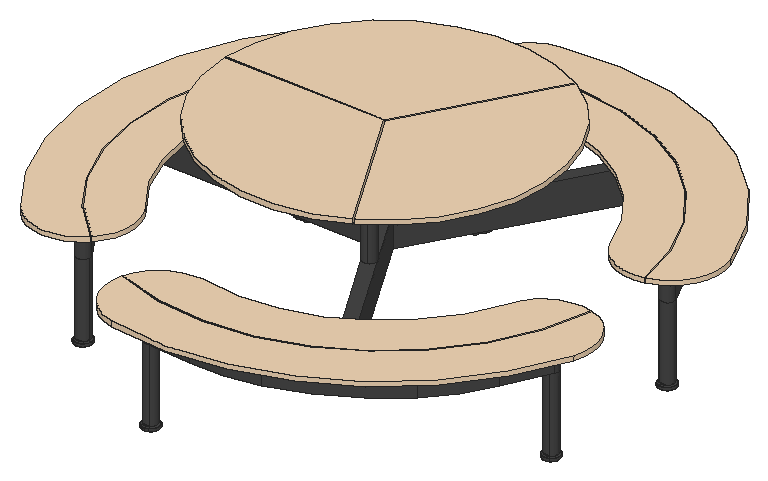
Revit family "DBLTD_TheSenatorGroup_OfficeTables_Tibo", category Furniture, Revit 2021
Family settings
  OmniClass Number = 23.40.20.00
  OmniClass Title = General Furniture and Specialties
  Work Plane-Based = No
  Always vertical = Yes
  Cut with Voids When Loaded = No
  Shared = Yes
  Room Calculation Point = No
Parameters (values of type "Round Outdoor Table")
  WorktopMaterial = DBLTD_TheSenatorGroup_Wood_Teak
  WorksurfaceArea = NominalWidth * NominalDepth  # 4.92612 m²
  WarrantyStartDate [instance] = " "
  WarrantyGuarantorParts = "https://www.thesenatorgroup.com/"
  WarrantyGuarantorLabor = "https://www.thesenatorgroup.com/"
  WarrantyDurationUnit = "years"
  WarrantyDurationParts = "5"
  WarrantyDurationLabor = "5"
  WarrantyDescription = "The Senator Group warrants that its manufactured products are free from manufacturing defects - in materials or workmanship - for a period of five (5) years.\r\nAllermuir will repair, or replace (at Allermuir’s sole discretion) with comparable free of charge materials/ components, any product/ component which fails under normal use in a single shift environment, as a result of a defect in the materials and/or workmanship.\r\n\r\nExceptions -\r\nNon-standard product - 2 years\r\nScreen-mounted Accessories/ Dry-wipe Boards - 2 years\r\nElectrical and/or electronic componentry - 2 years\r\n\r\nExclusions - Allermuir does not warrant:\r\nFailure due to normal “Wear and Tear”.\r\nNatural variations in appearance of wood - its grain, figure and colour.\r\nChanges in surface appearance resulting from exposure to light, and the natural ageing process of wood.\r\nChanges in surface appearance resulting from the misuse of cleaning materials and methods/ damage form sharp objects/ imprinting from writing implements.\r\nNatural variations in Leather - its marks, scars and wrinkles.\r\nProduct stored/ exposed to extreme operational conditions.\r\nConsumable components such as Fuses/ Lights/ lamps/ transformers/etc.\r\nOther Manufacturer’s product supplied by Allermuir (their own warranty shall apply where possible).\r\nNon-standard fabrics/ finishes or veneers used. Allermuir only checks the manufacturing quality of Customer’s\r\nOwn Material (COM) and provides no warranty for the finish/ fabric itself.\r\nProduct which has not been installed/ moved/ reconfigured by Allermuir approved personnel.\r\nAllermuir shall be under no liability whatsoever for any consequential damage, loss or other expenses whether arising out of contract, negligence or otherwise."
  Version = "1"
  Uniclass2015Version = "Products v1.15"
  Uniclass2015Title = "Office tables"
  Uniclass2015Code = "Pr_40_50_21_60"
  URL = "https://www.thesenatorgroup.com/"
  Type Comments = ModelReference  # "Round Outdoor Table"
  TagNumber [instance] = " "
  TableType = Nested_DBLTD_TheSenatorGroup_OfficeTables_Tibo_Round : Round
  SustainabilityPerformance = "n/a"
  Size = "2227 x 2212 x 740 mm"
  Shape = "Rectangular"
  SerialNumber [instance] = " "
  Revision = ""
  ReplacementCost = "n/a"
  ProductInformation = "https://www.allermuir.com/en/products/tables-storage/tibo"
  NumberOfChairs = 6
  NominalWidth = 2227 mm
  NominalHeight = 740 mm
  NominalDepth = 2212 mm
  Name = "Table"
  ModelReference = "Round Outdoor Table"
  ModelNumber = "TORD"
  Model = ModelNumber  # "TORD"
  Material = "Top and Seats; 18 mm Teak. Frame; Aluminium"
  ManufacturerURL = "https://www.thesenatorgroup.com/"
  ManufacturerName = "The Senator Group"
  Keynote = Category  # "Pr_40_50_21_60 Office tables"
  InstallationDate [instance] = " "
  Grade = "n/a"
  FrameMaterial [instance] = DBLTD_TheSenatorGroup_Metal_Black
  Finish = "Frame; Black Textured, Ceramic White. Top; White, Grey, Platinum, Pewter Grey, Jet Black, Ash, Summer Oak, Biella Walnut. Edge; Solid Black, Solid White, Clear"
  Features = "n/a"
  ExpectedLife = "5"
  DurationUnit = "years"
  Cost = 0
  Constituents = "Base, Top, Seats"
  Color = "Frame; Black, White, Stone. Top; Teak"
  CodePerformance = "n/a"
  Category = "Pr_40_50_21_60 Office tables"
  Manufacturer = ManufacturerName  # "The Senator Group"
  Description = ModelReference  # "Round Outdoor Table"
  Default Elevation = 0 mm
  BarCode [instance] = " "
  Author = "Diane Butterworth Ltd"
  AssetType = "Movable"
  AssetIdentifier [instance] = " "
  Assembly Code = "E2020200"
  AccessibilityPerformance = "n/a"
Types (3, lengths in mm): name | WorksurfaceArea | Type Comments | TableType | Size | NumberOfChairs | NominalWidth | NominalDepth | ModelReference | ModelNumber | Model | Description
  Round Outdoor Table | 4.92612 m² | "Round Outdoor Table" | Nested_DBLTD_TheSenatorGroup_OfficeTables_Tibo_Round : Round | "2227 x 2212 x 740 mm" | 6 | 2227 | 2212 | "Round Outdoor Table" | "TORD" | "TORD" | "Round Outdoor Table"
  Mid Oblong Outdoor Table | 5.49536 m² | "Mid Oblong Outdoor Table" | Nested_DBLTD_TheSenatorGroup_OfficeTables_Tibo_Oval : Oval Small | "2642 x 2080 x 740 mm" | 8 | 2642 | 2080 | "Mid Oblong Outdoor Table" | "TOMO" | "TOMO" | "Mid Oblong Outdoor Table"
  Large Oblong Outdoor Table | 7.0304 m² | "Large Oblong Outdoor Table" | Nested_DBLTD_TheSenatorGroup_OfficeTables_Tibo_Oval : Oval Large | "3380 x 2080 x 740 mm" | 8 | 3380 | 2080 | "Large Oblong Outdoor Table" | "TOLO" | "TOLO" | "Large Oblong Outdoor Table"
Reference planes
  plane 1 "Center (Front/Back)": y = 0
  plane 2: z = 0
  plane 3 "Center (Left/Right)": x = 0
  plane 4: z = 740
  plane 5: z = 715
  plane 6: x = 1113.5
  plane 7: x = -1113.5
  plane 8 "Center L/S": y = 1106
  plane 9 "Center L/T": y = -1106
Dimensions and locks
  "NominalHeight": plane 4 to level
  plane 4 to plane 5 = 25 mm
  equal spacing: plane 7, plane 3 "Center (Left/Right)", plane 6
  "NominalWidth": plane 7 to plane 6
  equal spacing: plane 9 "Center L/T", plane 1 "Center (Front/Back)", plane 8 "Center L/S"
  "NominalDepth": plane 9 "Center L/T" to plane 8 "Center L/S"
  aligned and locked: level to plane 2
Nested families
  nested 1: "Nested_DBLTD_TheSenatorGroup_OfficeTables_Tibo_Round" at (0, 0, 0), FrameMaterial <- "FrameMaterial", WorktopMaterial <- "WorktopMaterial", type <- "TableType", type "Round"
    with WorktopMaterial DBLTD_TheSenatorGroup_Wood_Teak, FrameMaterial DBLTD_TheSenatorGroup_Metal_Black, EdgeTrimMaterial none
Definition of nested family "Nested_DBLTD_TheSenatorGroup_OfficeTables_Tibo_Round"
  Parameters (values of type "Round")
    WorktopMaterial [instance] = none
    Width = 1240 mm
    FrameMaterial [instance] = none
    EdgeTrimMaterial [instance] = none
    Depth = 900 mm
    Default Elevation = 0 mm
  Reference planes
    plane 1 "Center (Front/Back)": y = 0
    plane 2: z = 0
    plane 3 "Center (Left/Right)": x = 0
  Forms (mm)
    Extrusion 1, solid, material <- "WorktopMaterial"
      sketch origin (0, 0, 0) x (1, 0, 0) y (0, 1, 0)
        loop
          arc (-619.995, -2.495) -> (-310, -536.936) -> (307.837, -538.179) r 620
          line (307.837, -538.179) -> (-1.251, -2.166) -> (-619.995, -2.495)
        loop
          arc (312.158, -535.684) -> (620, 0) -> (312.158, 535.684) r 620
          line (312.158, 535.684) -> (2.501, 0) -> (312.158, -535.684)
        loop
          arc (307.837, 538.179) -> (-310, 536.936) -> (-619.995, 2.495) r 620
          line (-619.995, 2.495) -> (-1.251, 2.166) -> (307.837, 538.179)
      from 723.752 to 741.752
    Extrusion 2, solid, material <- "WorktopMaterial"
      sketch origin (0, 0, 0) x (1, 0, 0) y (0, 1, 0)
        loop
          arc (686.918, 238.061) -> (776.602, 144.949) -> (905.101, 130.773) r 190
          arc (905.101, 130.773) -> (456.991, 792.13) -> (-339.854, 849.005) r 914.5
          arc (-339.854, 849.005) -> (-257.737, 741.739) -> (-125.091, 716.157) r 190
          arc (-125.091, 716.157) -> (368.858, 626.477) -> (686.918, 238.061) r 727
        loop
          arc (-341.227, 853.841) -> (459.483, 796.465) -> (909.973, 132.019) r 919.5
          arc (909.973, 132.019) -> (1029.13, 228.016) -> (1038.88, 380.721) r 190
          arc (1038.88, 380.721) -> (553.046, 958.77) -> (-190.476, 1090.49) r 1106.325
          arc (-190.476, 1090.49) -> (-318.032, 1005.405) -> (-341.227, 853.841) r 190
        loop
          arc (-137.291, -713.919) -> (-262.771, -745.031) -> (-339.298, -849.227) r 190
          arc (-339.298, -849.227) -> (457.509, -791.831) -> (905.187, -130.18) r 914.5
          arc (905.187, -130.18) -> (771.233, -147.663) -> (682.756, -249.746) r 190
          arc (682.756, -249.746) -> (358.116, -632.678) -> (-137.291, -713.919) r 727
        loop
          arc (910.062, -131.409) -> (460.017, -796.156) -> (-340.654, -854.07) r 919.5
          arc (-340.654, -854.07) -> (-317.097, -1005.261) -> (-189.726, -1090.057) r 190
          arc (-189.726, -1090.057) -> (553.796, -958.337) -> (1039.63, -380.288) r 1106.325
          arc (1039.63, -380.288) -> (1029.722, -227.279) -> (910.062, -131.409) r 190
        loop
          arc (-549.626, 475.857) -> (-513.83, 600.082) -> (-565.803, 718.454) r 190
          arc (-565.803, 718.454) -> (-914.5, -0.299) -> (-565.333, -718.825) r 914.5
          arc (-565.333, -718.825) -> (-513.497, -594.076) -> (-557.665, -466.411) r 190
          arc (-557.665, -466.411) -> (-726.974, 6.202) -> (-549.626, 475.857) r 727
        loop
          arc (-568.834, -722.432) -> (-919.5, -0.308) -> (-569.319, 722.05) r 919.5
          arc (-569.319, 722.05) -> (-712.033, 777.245) -> (-849.154, 709.336) r 190
          arc (-849.154, 709.336) -> (-1106.843, -0.433) -> (-849.154, -710.202) r 1106.325
          arc (-849.154, -710.202) -> (-711.691, -778.126) -> (-568.834, -722.432) r 190
      from 434.875 to 452.875
    Extrusion 3, solid, material <- "FrameMaterial"
      sketch origin (0, 0, 0) x (1, 0, 0) y (0, 1, 0)
        loop
          line (-566.288, 567.447) -> (-756.967, 696.061)
          arc (-756.967, 696.061) -> (-791.673, 689.315) -> (-784.927, 654.609) r 25
          line (-784.927, 654.609) -> (-594.248, 525.995)
          arc (-594.248, 525.995) -> (-559.542, 532.741) -> (-566.288, 567.447) r 25
        loop
          arc (-566.288, -567.447) -> (-559.542, -532.741) -> (-594.248, -525.995) r 25
          line (-594.248, -525.995) -> (-784.927, -654.609)
          arc (-784.927, -654.609) -> (-791.673, -689.315) -> (-756.967, -696.061) r 25
          line (-756.967, -696.061) -> (-566.288, -567.447)
        loop
          line (-775.301, 217.459) -> (-996.936, 278.924)
          arc (-996.936, 278.924) -> (-1027.708, 261.514) -> (-1010.298, 230.742) r 25
          line (-1010.298, 230.742) -> (-788.663, 169.278)
          arc (-788.663, 169.278) -> (-757.891, 186.687) -> (-775.301, 217.459) r 25
        loop
          arc (-775.301, -217.459) -> (-757.891, -186.687) -> (-788.663, -169.278) r 25
          line (-788.663, -169.278) -> (-1010.298, -230.742)
          arc (-1010.298, -230.742) -> (-1027.708, -261.514) -> (-996.936, -278.924) r 25
          line (-996.936, -278.924) -> (-775.301, -217.459)
        loop
          line (774.567, 206.697) -> (981.29, 307.522)
          arc (981.29, 307.522) -> (992.801, 340.951) -> (959.371, 352.462) r 25
          line (959.371, 352.462) -> (752.649, 251.637)
          arc (752.649, 251.637) -> (741.138, 218.207) -> (774.567, 206.697) r 25
        loop
          arc (-208.279, 774.143) -> (-181.596, 750.948) -> (-158.401, 777.631) r 25
          line (-158.401, 777.631) -> (-174.445, 1007.071)
          arc (-174.445, 1007.071) -> (-201.128, 1030.266) -> (-224.323, 1003.583) r 25
          line (-224.323, 1003.583) -> (-208.279, 774.143)
        loop
          line (575.976, 562.701) -> (740.023, 723.91)
          arc (740.023, 723.91) -> (740.332, 759.264) -> (704.978, 759.572) r 25
          line (704.978, 759.572) -> (540.93, 598.363)
          arc (540.93, 598.363) -> (540.622, 563.009) -> (575.976, 562.701) r 25
        loop
          arc (199.325, 780.16) -> (217.27, 749.697) -> (247.733, 767.641) r 25
          line (247.733, 767.641) -> (305.32, 990.315)
          arc (305.32, 990.315) -> (287.376, 1020.778) -> (256.913, 1002.834) r 25
          line (256.913, 1002.834) -> (199.325, 780.16)
        loop
          line (-208.279, -774.143) -> (-224.323, -1003.583)
          arc (-224.323, -1003.583) -> (-201.128, -1030.266) -> (-174.445, -1007.071) r 25
          line (-174.445, -1007.071) -> (-158.401, -777.631)
          arc (-158.401, -777.631) -> (-181.596, -750.948) -> (-208.279, -774.143) r 25
        loop
          arc (774.567, -206.697) -> (741.138, -218.207) -> (752.649, -251.637) r 25
          line (752.649, -251.637) -> (959.371, -352.462)
          arc (959.371, -352.462) -> (992.801, -340.951) -> (981.29, -307.522) r 25
          line (981.29, -307.522) -> (774.567, -206.697)
        loop
          line (199.325, -780.16) -> (256.913, -1002.834)
          arc (256.913, -1002.834) -> (287.376, -1020.778) -> (305.32, -990.315) r 25
          line (305.32, -990.315) -> (247.733, -767.641)
          arc (247.733, -767.641) -> (217.27, -749.697) -> (199.325, -780.16) r 25
        loop
          arc (575.976, -562.701) -> (540.622, -563.009) -> (540.93, -598.363) r 25
          line (540.93, -598.363) -> (704.978, -759.572)
          arc (704.978, -759.572) -> (740.332, -759.264) -> (740.023, -723.91) r 25
          line (740.023, -723.91) -> (575.976, -562.701)
      from 428.9 to 434.875
    Extrusion 4, solid, material <- "FrameMaterial"
      sketch origin (-100, 0, 0) x (1, 0, 0) y (0, 1, 0)
        loop
          line (-601.218, 628.908) -> (-704.927, 475.154)
          arc (-704.927, 475.154) -> (-768.275, 361.555) -> (-811.706, 238.952) r 774
          arc (-811.706, 238.952) -> (-842.5, 0) -> (-811.706, -238.952) r 942.5
          arc (-811.706, -238.952) -> (-768.275, -361.555) -> (-704.927, -475.154) r 774
          line (-704.927, -475.154) -> (-601.218, -628.908)
          arc (-601.218, -628.908) -> (-566.513, -635.654) -> (-559.766, -600.948) r 25
          line (-559.766, -600.948) -> (-663.217, -447.576)
          arc (-663.217, -447.576) -> (-722.625, -341.155) -> (-763.34, -226.276) r 724
          arc (-763.34, -226.276) -> (-792.5, 0) -> (-763.34, 226.276) r 892.5
          arc (-763.34, 226.276) -> (-722.625, 341.155) -> (-663.217, 447.576) r 724
          line (-663.217, 447.576) -> (-559.766, 600.948)
          arc (-559.766, 600.948) -> (-566.513, 635.654) -> (-601.218, 628.908) r 25
        loop
          line (995.259, 292.819) -> (913.959, 459.51)
          arc (913.959, 459.51) -> (847.253, 571.17) -> (762.792, 670.084) r 774
          arc (762.792, 670.084) -> (571.25, 816.229) -> (348.914, 909.037) r 942.5
          arc (348.914, 909.037) -> (221.021, 932.726) -> (90.968, 934.664) r 774
          line (90.968, 934.664) -> (-94.041, 921.727)
          arc (-94.041, 921.727) -> (-117.236, 895.044) -> (-90.553, 871.849) r 25
          line (-90.553, 871.849) -> (93.996, 884.754)
          arc (93.996, 884.754) -> (215.864, 882.992) -> (335.709, 860.812) r 724
          arc (335.709, 860.812) -> (546.25, 772.928) -> (727.631, 634.536) r 892.5
          arc (727.631, 634.536) -> (806.761, 541.837) -> (869.221, 437.177) r 724
          line (869.221, 437.177) -> (950.32, 270.9)
          arc (950.32, 270.9) -> (983.749, 259.39) -> (995.259, 292.819) r 25
        loop
          line (-94.041, -921.727) -> (90.968, -934.664)
          arc (90.968, -934.664) -> (221.021, -932.726) -> (348.914, -909.037) r 774
          arc (348.914, -909.037) -> (571.25, -816.229) -> (762.792, -670.084) r 942.5
          arc (762.792, -670.084) -> (847.253, -571.17) -> (913.959, -459.51) r 774
          line (913.959, -459.51) -> (995.259, -292.819)
          arc (995.259, -292.819) -> (983.749, -259.39) -> (950.32, -270.9) r 25
          line (950.32, -270.9) -> (869.221, -437.177)
          arc (869.221, -437.177) -> (806.761, -541.837) -> (727.631, -634.536) r 724
          arc (727.631, -634.536) -> (546.25, -772.928) -> (335.709, -860.812) r 892.5
          arc (335.709, -860.812) -> (215.864, -882.992) -> (93.996, -884.754) r 724
          line (93.996, -884.754) -> (-90.553, -871.849)
          arc (-90.553, -871.849) -> (-117.236, -895.044) -> (-94.041, -921.727) r 25
      from 302.99 to 428.944
    Extrusion 5, solid, material <- "FrameMaterial"
      sketch origin (0, 0, 0) x (1, 0, 0) y (0, 1, 0)
        loop
          line (-340.68, 357.276) -> (-340.68, 100.213) -> (-526.599, 100.213)
          arc (-526.599, 100.213) -> (-551.599, 75.213) -> (-526.599, 50.213) r 25
          line (-526.599, 50.213) -> (-340.68, 50.213) -> (-340.68, -49.788) -> (-526.599, -49.788)
          arc (-526.599, -49.788) -> (-551.599, -74.788) -> (-526.599, -99.788) r 25
          line (-526.599, -99.788) -> (-340.68, -99.788) -> (-340.68, -354.668)
          arc (-340.68, -354.668) -> (-315.68, -379.668) -> (-290.68, -354.668) r 25
          line (-290.68, -354.668) -> (-290.68, 357.276)
          arc (-290.68, 357.276) -> (-315.68, 382.276) -> (-340.68, 357.276) r 25
        loop
          line (479.751, 116.4) -> (257.127, 244.932) -> (350.086, 405.942)
          arc (350.086, 405.942) -> (340.936, 440.092) -> (306.785, 430.942) r 25
          line (306.785, 430.942) -> (213.826, 269.932) -> (127.223, 319.932) -> (220.182, 480.942)
          arc (220.182, 480.942) -> (211.032, 515.093) -> (176.881, 505.942) r 25
          line (176.881, 505.942) -> (83.922, 344.932) -> (-136.812, 472.372)
          arc (-136.812, 472.372) -> (-170.962, 463.221) -> (-161.812, 429.071) r 25
          line (-161.812, 429.071) -> (454.751, 73.099)
          arc (454.751, 73.099) -> (488.901, 82.249) -> (479.751, 116.4) r 25
        loop
          line (-139.07, -473.676) -> (83.554, -345.144) -> (176.513, -506.155)
          arc (176.513, -506.155) -> (210.663, -515.305) -> (219.814, -481.155) r 25
          line (219.814, -481.155) -> (126.855, -320.144) -> (213.458, -270.144) -> (306.417, -431.154)
          arc (306.417, -431.154) -> (340.567, -440.305) -> (349.718, -406.154) r 25
          line (349.718, -406.154) -> (256.759, -245.144) -> (477.492, -117.704)
          arc (477.492, -117.704) -> (486.643, -83.553) -> (452.492, -74.402) r 25
          line (452.492, -74.402) -> (-164.07, -430.375)
          arc (-164.07, -430.375) -> (-173.221, -464.525) -> (-139.07, -473.676) r 25
        loop
          circle (0, 0) r 39.503
        loop
          circle (0, 0) r 89.934
      from 717.8 to 723.752
    Extrusion 6, solid, material <- "FrameMaterial"
      sketch origin (0, 0, 0) x (1, 0, 0) y (0, 1, 0)
        loop
          line (-14.573, 25.241) -> (-892.143, 25.241)
          arc (-892.143, 25.241) -> (-892.5, 0) -> (-892.143, -25.241) r 892.5
          line (-892.143, -25.241) -> (-14.573, -25.241) -> (424.212, -785.239)
          arc (424.212, -785.239) -> (446.25, -772.928) -> (467.931, -759.998) r 892.5
          line (467.931, -759.998) -> (29.145, 0) -> (467.931, 759.998)
          arc (467.931, 759.998) -> (446.25, 772.928) -> (424.212, 785.239) r 892.5
          line (424.212, 785.239) -> (-14.573, 25.241)
      from 302.99 to 428.944
    Revolve 7, solid, material <- "FrameMaterial"
      sketch origin (0.293, 614.942, 0) x (1, 0, 0) y (0, 0, 1)
        loop
          line (-680.77, 302.99) -> (-705.755, 302.99) -> (-705.755, 16.54) -> (-704.763, 15.548) -> (-682.827, 15.548) -> (-682.827, 10.458) -> (-712.827, 10.458) -> (-714.165, 9.971) -> (-714.165, 2.971) -> (-711.172, 2.17) -> (-711.172, 0) -> (-680.77, 0) -> (-680.77, 302.99)
        axis (-680.77, 0) -> (-680.77, 302.99)
      angle from 0 to 360
    Revolve 8, solid, material <- "FrameMaterial"
      sketch origin (0.293, -614.942, 0) x (1, 0, 0) y (0, 0, -1)
        loop
          line (-680.77, -302.99) -> (-680.77, 0) -> (-711.172, 0) -> (-711.172, -2.17) -> (-714.165, -2.971) -> (-714.165, -9.971) -> (-712.827, -10.458) -> (-682.827, -10.458) -> (-682.827, -15.548) -> (-704.763, -15.548) -> (-705.755, -16.54) -> (-705.755, -302.99) -> (-680.77, -302.99)
        axis (-680.77, 0) -> (-680.77, -302.99)
      angle from 0 to 360
    Revolve 9, solid, material <- "FrameMaterial"
      sketch origin (532.409, -307.725, 0) x (-0.5, -0.866025, 0) y (0, 0, 1)
        loop
          line (-680.77, 302.99) -> (-705.755, 302.99) -> (-705.755, 16.54) -> (-704.763, 15.548) -> (-682.827, 15.548) -> (-682.827, 10.458) -> (-712.827, 10.458) -> (-714.165, 9.971) -> (-714.165, 2.971) -> (-711.172, 2.17) -> (-711.172, 0) -> (-680.77, 0) -> (-680.77, 302.99)
        axis (-680.77, 0) -> (-680.77, 302.99)
      angle from 0 to 360
    Revolve 10, solid, material <- "FrameMaterial"
      sketch origin (-532.702, 307.217, 0) x (-0.5, -0.866025, 0) y (0, 0, -1)
        loop
          line (-680.77, -302.99) -> (-680.77, 0) -> (-711.172, 0) -> (-711.172, -2.17) -> (-714.165, -2.971) -> (-714.165, -9.971) -> (-712.827, -10.458) -> (-682.827, -10.458) -> (-682.827, -15.548) -> (-704.763, -15.548) -> (-705.755, -16.54) -> (-705.755, -302.99) -> (-680.77, -302.99)
        axis (-680.77, 0) -> (-680.77, -302.99)
      angle from 0 to 360
    Revolve 11, solid, material <- "FrameMaterial"
      sketch origin (-532.702, -307.217, 0) x (-0.5, 0.866025, 0) y (0, 0, 1)
        loop
          line (-680.77, 302.99) -> (-705.755, 302.99) -> (-705.755, 16.54) -> (-704.763, 15.548) -> (-682.827, 15.548) -> (-682.827, 10.458) -> (-712.827, 10.458) -> (-714.165, 9.971) -> (-714.165, 2.971) -> (-711.172, 2.17) -> (-711.172, 0) -> (-680.77, 0) -> (-680.77, 302.99)
        axis (-680.77, 0) -> (-680.77, 302.99)
      angle from 0 to 360
    Revolve 12, solid, material <- "FrameMaterial"
      sketch origin (532.409, 307.725, 0) x (-0.5, 0.866025, 0) y (0, 0, -1)
        loop
          line (-680.77, -302.99) -> (-680.77, 0) -> (-711.172, 0) -> (-711.172, -2.17) -> (-714.165, -2.971) -> (-714.165, -9.971) -> (-712.827, -10.458) -> (-682.827, -10.458) -> (-682.827, -15.548) -> (-704.763, -15.548) -> (-705.755, -16.54) -> (-705.755, -302.99) -> (-680.77, -302.99)
        axis (-680.77, 0) -> (-680.77, -302.99)
      angle from 0 to 360
    Extrusion 13, solid, material <- "FrameMaterial"
      sketch origin (0, 0, 0) x (1, 0, 0) y (0, 1, 0)
        loop
          circle (-309.668, 0) r 25
        loop
          circle (154.834, 268.181) r 25
        loop
          circle (154.834, -268.181) r 25
      from 428.9 to 717.8
    Extrusion 14, solid, material <- "FrameMaterial"
      sketch origin (-340.68, 357.276, 0) x (0, -1, 0) y (0, 0, 1)
        loop
          line (11.918, 701.55) -> (264.948, 671.081) -> (449.604, 671.081) -> (702.634, 701.55)
          arc (702.634, 701.55) -> (711.116, 705.514) -> (715.595, 713.736) r 15
          line (715.595, 713.736) -> (716.34, 717.8) -> (-1.788, 717.8) -> (-1.043, 713.736)
          arc (-1.043, 713.736) -> (3.436, 705.514) -> (11.918, 701.55) r 15
      from -22 to -28
    Extrusion 15, solid, material <- "FrameMaterial"
      sketch origin (-526.599, -99.788, 0) x (1, 0, 0) y (0, 0, 1)
        loop
          line (-11.989, 701.507) -> (207.919, 672.081) -> (207.919, 717.8) -> (-25, 717.8) -> (-25, 716.374)
          arc (-25, 716.374) -> (-21.288, 706.496) -> (-11.989, 701.507) r 15
      from -22 to -28
    Extrusion 16, solid, material <- "FrameMaterial"
      sketch origin (-526.599, 99.788, 0) x (1, 0, 0) y (0, 0, -1)
        loop
          arc (-11.989, -701.507) -> (-21.288, -706.496) -> (-25, -716.374) r 15
          line (-25, -716.374) -> (-25, -717.8) -> (207.919, -717.8) -> (207.919, -672.081) -> (-11.989, -701.507)
      from -22 to -28
    Extrusion 17, solid, material <- "FrameMaterial"
      sketch origin (479.751, 116.4, 0) x (-0.866025, 0.5, 0) y (0, 0, 1)
        loop
          line (11.918, 701.55) -> (264.948, 671.081) -> (449.604, 671.081) -> (702.634, 701.55)
          arc (702.634, 701.55) -> (711.116, 705.514) -> (715.595, 713.736) r 15
          line (715.595, 713.736) -> (716.34, 717.8) -> (-1.788, 717.8) -> (-1.043, 713.736)
          arc (-1.043, 713.736) -> (3.436, 705.514) -> (11.918, 701.55) r 15
      from -22 to -28
    Extrusion 18, solid, material <- "FrameMaterial"
      sketch origin (176.881, 505.942, 0) x (-0.5, -0.866025, 0) y (0, 0, 1)
        loop
          line (-11.989, 701.507) -> (207.919, 672.081) -> (207.919, 717.8) -> (-25, 717.8) -> (-25, 716.374)
          arc (-25, 716.374) -> (-21.288, 706.496) -> (-11.989, 701.507) r 15
      from -22 to -28
    Extrusion 19, solid, material <- "FrameMaterial"
      sketch origin (349.718, 406.154, 0) x (-0.5, -0.866025, 0) y (0, 0, -1)
        loop
          arc (-11.989, -701.507) -> (-21.288, -706.496) -> (-25, -716.374) r 15
          line (-25, -716.374) -> (-25, -717.8) -> (207.919, -717.8) -> (207.919, -672.081) -> (-11.989, -701.507)
      from -22 to -28
    Extrusion 20, solid, material <- "FrameMaterial"
      sketch origin (-139.07, -473.676, 0) x (0.866025, 0.5, 0) y (0, 0, 1)
        loop
          line (11.918, 701.55) -> (264.948, 671.081) -> (449.604, 671.081) -> (702.634, 701.55)
          arc (702.634, 701.55) -> (711.116, 705.514) -> (715.595, 713.736) r 15
          line (715.595, 713.736) -> (716.34, 717.8) -> (-1.788, 717.8) -> (-1.043, 713.736)
          arc (-1.043, 713.736) -> (3.436, 705.514) -> (11.918, 701.55) r 15
      from -22 to -28
    Extrusion 21, solid, material <- "FrameMaterial"
      sketch origin (349.718, -406.154, 0) x (-0.5, 0.866025, 0) y (0, 0, 1)
        loop
          line (-11.989, 701.507) -> (207.919, 672.081) -> (207.919, 717.8) -> (-25, 717.8) -> (-25, 716.374)
          arc (-25, 716.374) -> (-21.288, 706.496) -> (-11.989, 701.507) r 15
      from -22 to -28
    Extrusion 22, solid, material <- "FrameMaterial"
      sketch origin (176.881, -505.942, 0) x (-0.5, 0.866025, 0) y (0, 0, -1)
        loop
          arc (-11.989, -701.507) -> (-21.288, -706.496) -> (-25, -716.374) r 15
          line (-25, -716.374) -> (-25, -717.8) -> (207.919, -717.8) -> (207.919, -672.081) -> (-11.989, -701.507)
      from -22 to -28
    Extrusion 23, solid, material <- "FrameMaterial"
      sketch origin (-566.288, 567.447, 0) x (-0.829037, 0.559193, 0) y (0, 0, 1)
        loop
          line (1.231, 402.459) -> (228.769, 402.459)
          arc (228.769, 402.459) -> (242.911, 408.317) -> (248.769, 422.459) r 20
          line (248.769, 422.459) -> (248.769, 428.9) -> (-18.769, 428.9) -> (-18.769, 422.459)
          arc (-18.769, 422.459) -> (-12.911, 408.317) -> (1.231, 402.459) r 20
      from -22.769 to -27.231
    Extrusion 24, solid, material <- "FrameMaterial"
      sketch origin (-566.288, -567.447, 0) x (-0.829037, -0.559193, 0) y (0, 0, -1)
        loop
          arc (1.231, -402.459) -> (-12.911, -408.317) -> (-18.769, -422.459) r 20
          line (-18.769, -422.459) -> (-18.769, -428.9) -> (248.769, -428.9) -> (248.769, -422.459)
          arc (248.769, -422.459) -> (242.911, -408.317) -> (228.769, -402.459) r 20
          line (228.769, -402.459) -> (1.231, -402.459)
      from -22.769 to -27.231
    Extrusion 25, solid, material <- "FrameMaterial"
      sketch origin (-1010.298, 230.742, 0) x (0.96363, -0.267238, 0) y (0, 0, 1)
        loop
          arc (228.769, 402.459) -> (242.911, 408.317) -> (248.769, 422.459) r 20
          line (248.769, 422.459) -> (248.769, 428.9) -> (-18.769, 428.9) -> (-18.769, 422.459)
          arc (-18.769, 422.459) -> (-12.911, 408.317) -> (1.231, 402.459) r 20
          line (1.231, 402.459) -> (228.769, 402.459)
      from -22.769 to -27.231
    Extrusion 26, solid, material <- "FrameMaterial"
      sketch origin (-1010.298, -230.742, 0) x (0.96363, 0.267238, 0) y (0, 0, -1)
        loop
          line (228.769, -402.459) -> (1.231, -402.459)
          arc (1.231, -402.459) -> (-12.911, -408.317) -> (-18.769, -422.459) r 20
          line (-18.769, -422.459) -> (-18.769, -428.9) -> (248.769, -428.9) -> (248.769, -422.459)
          arc (248.769, -422.459) -> (242.911, -408.317) -> (228.769, -402.459) r 20
      from -22.769 to -27.231
    Extrusion 27, solid, material <- "FrameMaterial"
      sketch origin (774.567, 206.697, 0) x (0.898794, 0.438371, 0) y (0, 0, 1)
        loop
          line (1.231, 402.459) -> (228.769, 402.459)
          arc (228.769, 402.459) -> (242.911, 408.317) -> (248.769, 422.459) r 20
          line (248.769, 422.459) -> (248.769, 428.9) -> (-18.769, 428.9) -> (-18.769, 422.459)
          arc (-18.769, 422.459) -> (-12.911, 408.317) -> (1.231, 402.459) r 20
      from -22.769 to -27.231
    Extrusion 28, solid, material <- "FrameMaterial"
      sketch origin (-208.279, 774.143, 0) x (-0.069757, 0.997564, 0) y (0, 0, -1)
        loop
          arc (1.231, -402.459) -> (-12.911, -408.317) -> (-18.769, -422.459) r 20
          line (-18.769, -422.459) -> (-18.769, -428.9) -> (248.769, -428.9) -> (248.769, -422.459)
          arc (248.769, -422.459) -> (242.911, -408.317) -> (228.769, -402.459) r 20
          line (228.769, -402.459) -> (1.231, -402.459)
      from -22.769 to -27.231
    Extrusion 29, solid, material <- "FrameMaterial"
      sketch origin (704.978, 759.572, 0) x (-0.71325, -0.700909, 0) y (0, 0, 1)
        loop
          arc (228.769, 402.459) -> (242.911, 408.317) -> (248.769, 422.459) r 20
          line (248.769, 422.459) -> (248.769, 428.9) -> (-18.769, 428.9) -> (-18.769, 422.459)
          arc (-18.769, 422.459) -> (-12.911, 408.317) -> (1.231, 402.459) r 20
          line (1.231, 402.459) -> (228.769, 402.459)
      from -22.769 to -27.231
    Extrusion 30, solid, material <- "FrameMaterial"
      sketch origin (305.32, 990.315, 0) x (-0.25038, -0.968148, 0) y (0, 0, -1)
        loop
          line (228.769, -402.459) -> (1.231, -402.459)
          arc (1.231, -402.459) -> (-12.911, -408.317) -> (-18.769, -422.459) r 20
          line (-18.769, -422.459) -> (-18.769, -428.9) -> (248.769, -428.9) -> (248.769, -422.459)
          arc (248.769, -422.459) -> (242.911, -408.317) -> (228.769, -402.459) r 20
      from -22.769 to -27.231
    Extrusion 31, solid, material <- "FrameMaterial"
      sketch origin (-208.279, -774.143, 0) x (-0.069757, -0.997564, 0) y (0, 0, 1)
        loop
          line (1.231, 402.459) -> (228.769, 402.459)
          arc (228.769, 402.459) -> (242.911, 408.317) -> (248.769, 422.459) r 20
          line (248.769, 422.459) -> (248.769, 428.9) -> (-18.769, 428.9) -> (-18.769, 422.459)
          arc (-18.769, 422.459) -> (-12.911, 408.317) -> (1.231, 402.459) r 20
      from -22.769 to -27.231
    Extrusion 32, solid, material <- "FrameMaterial"
      sketch origin (774.567, -206.697, 0) x (0.898794, -0.438371, 0) y (0, 0, -1)
        loop
          arc (1.231, -402.459) -> (-12.911, -408.317) -> (-18.769, -422.459) r 20
          line (-18.769, -422.459) -> (-18.769, -428.9) -> (248.769, -428.9) -> (248.769, -422.459)
          arc (248.769, -422.459) -> (242.911, -408.317) -> (228.769, -402.459) r 20
          line (228.769, -402.459) -> (1.231, -402.459)
      from -22.769 to -27.231
    Extrusion 33, solid, material <- "FrameMaterial"
      sketch origin (305.32, -990.315, 0) x (-0.25038, 0.968148, 0) y (0, 0, 1)
        loop
          arc (228.769, 402.459) -> (242.911, 408.317) -> (248.769, 422.459) r 20
          line (248.769, 422.459) -> (248.769, 428.9) -> (-18.769, 428.9) -> (-18.769, 422.459)
          arc (-18.769, 422.459) -> (-12.911, 408.317) -> (1.231, 402.459) r 20
          line (1.231, 402.459) -> (228.769, 402.459)
      from -22.769 to -27.231
    Extrusion 34, solid, material <- "FrameMaterial"
      sketch origin (704.978, -759.572, 0) x (-0.71325, 0.700909, 0) y (0, 0, -1)
        loop
          line (228.769, -402.459) -> (1.231, -402.459)
          arc (1.231, -402.459) -> (-12.911, -408.317) -> (-18.769, -422.459) r 20
          line (-18.769, -422.459) -> (-18.769, -428.9) -> (248.769, -428.9) -> (248.769, -422.459)
          arc (248.769, -422.459) -> (242.911, -408.317) -> (228.769, -402.459) r 20
      from -22.769 to -27.231
    Extrusion 35, solid, material <- "FrameMaterial"
      sketch origin (0, 0, 0) x (1, 0, 0) y (0, 1, 0)
        loop
          line (-323.661, -23.599) -> (-295.676, -23.599)
          arc (-295.676, -23.599) -> (-272.077, 0) -> (-295.676, 23.599) r 23.599
          line (-295.676, 23.599) -> (-323.661, 23.599)
          arc (-323.661, 23.599) -> (-347.26, 0) -> (-323.661, -23.599) r 23.599
        loop
          line (141.393, 292.098) -> (127.401, 267.863)
          arc (127.401, 267.863) -> (136.039, 235.626) -> (168.276, 244.264) r 23.599
          line (168.276, 244.264) -> (182.268, 268.499)
          arc (182.268, 268.499) -> (173.63, 300.736) -> (141.393, 292.098) r 23.599
        loop
          line (182.268, -268.499) -> (168.276, -244.264)
          arc (168.276, -244.264) -> (136.039, -235.626) -> (127.401, -267.863) r 23.599
          line (127.401, -267.863) -> (141.393, -292.098)
          arc (141.393, -292.098) -> (173.63, -300.736) -> (182.268, -268.499) r 23.599
      from 296.12 to 302.99
  Lines and regions (mm)
    symbolic lines
      curve 1: line (311.592, 532.709, 0) -> (305.543, 536.201, 0)
      curve 2: line (305.543, -536.201, 0) -> (311.592, -532.709, 0)
  Dimensions and locks
    aligned and locked: level to plane 2
